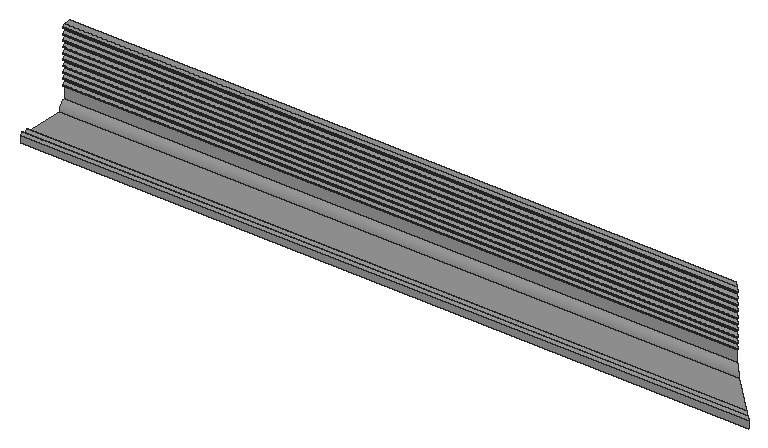
Revit family "PVC699T_9 Inch Retrofit PVC", category Specialty Equipment, Revit 2019
Family settings
  Round Connector Dimension = Use Diameter
  Part Type = Normal
  OmniClass Number = 23.10.00.00
  OmniClass Title = Site Products
  Cut with Voids When Loaded = No
  Shared = No
  Room Calculation Point = No
Parameters (values of type "PVC699T - Horizontal")
  z_Vertical = no
  z_Left Cut Distance [instance] = if([Left Cut 45° Tee-Cross], 0.00", 3.00")  # 3.00"
  z_Horizontal = yes
  z_Distance 3 [instance] = if(Ellbow Cut, 4.00", 15.00")  # 4.00"
  z_Distance 2 [instance] = if(and(Corner Cut, z_Vertical), 0.44", 5.00")  # 5.00"
  z_Distance 1 [instance] = if([Right Cut 45° Tee-Cross], 5.00", 10.00")  # 10.00"
  z_Distance [instance] = if([Left Cut 45° Tee-Cross], 5.00", 10.00")  # 10.00"
  z_Cut Distance [instance] = if(z_Distance 2 = 0.44", 0.44", 0.00")  # 0.00"
  Width = 9.00"
  Weight = "6.9 lbs/lft"
  URL = "https://www.jpspecialties.com/"
  z_Right Cut Distance [instance] = if([Right Cut 45° Tee-Cross], 0.00", 3.00")  # 3.00"
  Telephone = "951-763-7077"
  Right Cut 45° Tee-Cross [instance] = no
  Product data url = "www.bimmodeller.com/jpspecialties/products/Polyvinyl-Chloride-PVC-Waterstop"
  Product Material = JP Specialties - Polyvinyl Chloride (PVC)
  Product Guid = "27e5cdcc-cece-4d8c-947d-ca6b8ef269ba"  # constant formula
  NOTE [instance] = "Elbow Cut and Tee-Cross cuts cannot be checked at the same time"  # constant formula
  Model = "PVC699T"
  Materials = PVC
  Manufacturer = "J P Specialties Inc."  # constant formula
  built-in parameter 1001306 [instance] = 48.00"
  Left Cut 45° Tee-Cross [instance] = no
  z_Ellbow Cut Distance [instance] = if(Ellbow Cut, 0.00", 3.00")  # 0.00"
  z_Ellbow Cut Sweep Distance [instance] = if(Ellbow Cut, 3.00", 0.00")  # 3.00"
  Hydrophobic = "Yes"
  Hydrophilic = "No"
  Height = 6.38"
  Ellbow Cut [instance] = yes
  Keynote = "13000"
  Edition number = 1
  Description = "PVC699T is Earth Shield PVC 9\" heavy duty \"T\"-shaped retrofit waterstop. Includes all (40) s/s wedge anchors and s/s bar."
  Corner Cut [instance] = no
  Certifications = "NSF 61, NSF 372, CRD C-572-74, ASTM D543"
  Assembly Code = "F1030"
Types (2): name | z_Vertical | z_Left Cut Distance | z_Horizontal | z_Distance 3 | z_Distance 1 | z_Distance | z_Right Cut Distance | Right Cut 45° Tee-Cross | Left Cut 45° Tee-Cross | z_Ellbow Cut Distance | z_Ellbow Cut Sweep Distance | Ellbow Cut
  PVC699T - Horizontal | no | 3.00" | yes | 4.00" | 10.00" | 10.00" | 3.00" | no | no | 0.00" | 3.00" | yes
  PVC699T - Vertical | yes | 0.00" | no | 15.00" | 5.00" | 5.00" | 0.00" | yes | yes | 3.00" | 0.00" | no
Reference planes (in)
  plane 1 "Center (Front/Back)": y = 0
  plane 2: z = 0
  plane 3 "Left": x = 0
  plane 4 "Right": x = 48
  plane 5: y = 3
  plane 6: y = -3
  plane 7: z = -1
  plane 8: z = 10
  plane 9: z = -10
  plane 10: x = 51
  plane 11: z = 4
  plane 12: x = -5
  plane 13: x = 0
  plane 14: y = 4.75
Forms (in)
  Extrusion 1, void
    sketch origin (0, 0, 0) x (1, 0, 0) y (0, 1, 0)
      loop
        line (48, 0) -> (48, 4.75) -> (43.25, 4.75) -> (48, 0)
    from 2 to 12
  Extrusion 2, void
    sketch origin (0, 0, 0) x (1, 0, 0) y (0, 1, 0)
      loop
        line (51, -4.51845) -> (51, 4.75) -> (41.73155, 4.75) -> (51, -4.51845)
    from -1 to 12
  Extrusion 3, void
    sketch origin (0, 0, 0) x (1, 0, 0) y (0, 1, 0)
      loop
        line (51, 0) -> (43.5, -7.5) -> (51, -7.5) -> (51, 0)
    from 2 to 12
  Extrusion 4, void
    sketch origin (0, 0, 0) x (1, 0, 0) y (0, 0, 1)
      loop
        line (48, 5.05025) -> (48, 10) -> (43.05025, 10) -> (48, 5.05025)
    from -8.21469 to 12
  Extrusion 5, void
    sketch origin (0, 0, 0) x (1, 0, 0) y (0, 0, 1)
      loop
        line (48, -5) -> (43, -10) -> (48, -10) -> (48, -5)
    from -8.21469 to 12
  Extrusion 6, void
    sketch origin (0, 0, 0) x (1, 0, 0) y (0, 0, 1)
      loop
        line (51, 4.75) -> (41.5, -4.75) -> (51, -4.75) -> (51, 4.75)
    from -8.21469 to 12
  Extrusion 7, void
    sketch origin (0, 0, 0) x (1, 0, 0) y (0, 1, 0)
      loop
        line (-5, -4.5025) -> (4.2525, 4.75) -> (-5, 4.75) -> (-5, -4.5025)
    from -8.14882 to 12
  Sweep 8, solid, material "PVC" <- "Materials", visible <- "z_Horizontal"
    path origin (0, 0, 0) x (1, 0, 0) y (0, 1, 0)
      loop
        line (-5, 0.00016) -> (51, 0.00016)
    profile "PVC699T : PVC699T" origin (23, 0.00016, 0) x (0, 1, 0) y (0, 0, 1)
      loop
        line (0.375, 0.1875) -> (0.375, 0.52784)
        arc (0.375, 0.52784) -> (-0.01365, 0.87475) -> (-0.375, 0.49949) r 0.37554
        line (-0.375, 0.49949) -> (-0.375, 0.1875) -> (0.375, 0.1875)
      loop
        line (-4.5, 0) -> (-4, 0) -> (-3.96875, 0.0625) -> (-3.9375, 0) -> (-3.90625, 0.0625) -> (-3.875, 0) -> (-3.84375, 0.0625) -> (-3.8125, 0) -> (-3.78125, 0.0625) -> (-3.75, 0) -> (-3.71875, 0.0625) -> (-3.6875, 0) -> (-3.65625, 0.0625) -> (-3.625, 0) -> (-3.59375, 0.0625) -> (-3.5625, 0) -> (-3.53125, 0.0625) -> (-3.5, 0) -> (-3.46875, 0.0625) -> (-3.4375, 0) -> (-3.40625, 0.0625) -> (-3.375, 0) -> (-3.34375, 0.0625) -> (-3.3125, 0) -> (-3.28125, 0.0625) -> (-3.25, 0) -> (-3.21875, 0.0625) -> (-3.1875, 0) -> (-3.15625, 0.0625) -> (-3.125, 0) -> (-3.09375, 0.0625) -> (-3.0625, 0) -> (-3.03125, 0.0625) -> (-3, 0) -> (-2.96875, 0.0625) -> (-2.9375, 0) -> (-2.90625, 0.0625) -> (-2.875, 0) -> (-2.84375, 0.0625) -> (-2.8125, 0) -> (-2.78125, 0.0625) -> (-2.75, 0) -> (-2.71875, 0.0625) -> (-2.6875, 0) -> (-2.65625, 0.0625) -> (-2.625, 0) -> (-2.59375, 0.0625) -> (-2.5625, 0) -> (-2.53125, 0.0625) -> (-2.5, 0) -> (-2.46875, 0.0625) -> (-2.4375, 0) -> (-2.40625, 0.0625) -> (-2.375, 0) -> (-2.34375, 0.0625) -> (-2.3125, 0) -> (-2.28125, 0.0625) -> (-2.25, 0) -> (-2.21875, 0.0625) -> (-2.1875, 0) -> (-2.15625, 0.0625) -> (-2.125, 0) -> (-2.09375, 0.0625) -> (-2.0625, 0) -> (-2.03125, 0.0625) -> (-2, 0) -> (-1.96875, 0.0625) -> (-1.9375, 0) -> (-1.90625, 0.0625) -> (-1.875, 0) -> (-1.84375, 0.0625) -> (-1.8125, 0) -> (-1.78125, 0.0625) -> (-1.75, 0) -> (-1.71875, 0.0625) -> (-1.6875, 0) -> (-1.65625, 0.0625) -> (-1.625, 0) -> (-1.59375, 0.0625) -> (-1.5625, 0) -> (-1.53125, 0.0625) -> (-1.5, 0) -> (-1.46875, 0.0625) -> (-1.4375, 0) -> (-1.40625, 0.0625) -> (-1.375, 0) -> (-1.34375, 0.0625) -> (-1.3125, 0) -> (-1.28125, 0.0625) -> (-1.25, 0) -> (-1.21875, 0.0625) -> (-1.1875, 0) -> (-1.15625, 0.0625) -> (-1.125, 0) -> (-1.09375, 0.0625) -> (-1.0625, 0) -> (-1.03125, 0.0625) -> (-1, 0) -> (-0.96875, 0.0625) -> (-0.9375, 0) -> (-0.90625, 0.0625) -> (-0.875, 0) -> (-0.84375, 0.0625) -> (-0.8125, 0) -> (-0.78125, 0.0625) -> (-0.75, 0) -> (-0.71875, 0.0625) -> (-0.6875, 0) -> (-0.65625, 0.0625) -> (-0.625, 0) -> (-0.59375, 0.0625) -> (-0.5625, 0) -> (-0.53125, 0.0625) -> (-0.5, 0) -> (-0.46875, 0.0625) -> (-0.4375, 0) -> (-0.40625, 0.0625) -> (-0.375, 0) -> (-0.34375, 0.0625) -> (-0.3125, 0) -> (-0.28125, 0.0625) -> (-0.25, 0) -> (-0.21875, 0.0625) -> (-0.1875, 0) -> (-0.15625, 0.0625) -> (-0.125, 0) -> (-0.09375, 0.0625) -> (-0.0625, 0) -> (-0.03125, 0.0625) -> (0, 0) -> (0.03125, 0.0625) -> (0.0625, 0) -> (0.09375, 0.0625) -> (0.125, 0) -> (0.15625, 0.0625) -> (0.1875, 0) -> (0.21875, 0.0625) -> (0.25, 0) -> (0.28125, 0.0625) -> (0.3125, 0) -> (0.34375, 0.0625) -> (0.375, 0) -> (0.40625, 0.0625) -> (0.4375, 0) -> (0.46875, 0.0625) -> (0.5, 0) -> (0.53125, 0.0625) -> (0.5625, 0) -> (0.59375, 0.0625) -> (0.625, 0) -> (0.65625, 0.0625) -> (0.6875, 0) -> (0.71875, 0.0625) -> (0.75, 0) -> (0.78125, 0.0625) -> (0.8125, 0) -> (0.84375, 0.0625) -> (0.875, 0) -> (0.90625, 0.0625) -> (0.9375, 0) -> (0.96875, 0.0625) -> (1, 0) -> (1.03125, 0.0625) -> (1.0625, 0) -> (1.09375, 0.0625) -> (1.125, 0) -> (1.15625, 0.0625) -> (1.1875, 0) -> (1.21875, 0.0625) -> (1.25, 0) -> (1.28125, 0.0625) -> (1.3125, 0) -> (1.34375, 0.0625) -> (1.375, 0) -> (1.40625, 0.0625) -> (1.4375, 0) -> (1.46875, 0.0625) -> (1.5, 0) -> (1.53125, 0.0625) -> (1.5625, 0) -> (1.59375, 0.0625) -> (1.625, 0) -> (1.65625, 0.0625) -> (1.6875, 0) -> (1.71875, 0.0625) -> (1.75, 0) -> (1.78125, 0.0625) -> (1.8125, 0) -> (1.84375, 0.0625) -> (1.875, 0) -> (1.90625, 0.0625) -> (1.9375, 0) -> (1.96875, 0.0625) -> (2, 0) -> (2.03125, 0.0625) -> (2.0625, 0) -> (2.09375, 0.0625) -> (2.125, 0) -> (2.15625, 0.0625) -> (2.1875, 0) -> (2.21875, 0.0625) -> (2.25, 0) -> (2.28125, 0.0625) -> (2.3125, 0) -> (2.34375, 0.0625) -> (2.375, 0) -> (2.40625, 0.0625) -> (2.4375, 0) -> (2.46875, 0.0625) -> (2.5, 0) -> (2.53125, 0.0625) -> (2.5625, 0) -> (2.59375, 0.0625) -> (2.625, 0) -> (2.65625, 0.0625) -> (2.6875, 0) -> (2.71875, 0.0625) -> (2.75, 0) -> (2.78125, 0.0625) -> (2.8125, 0) -> (2.84375, 0.0625) -> (2.875, 0) -> (2.90625, 0.0625) -> (2.9375, 0) -> (2.96875, 0.0625) -> (3, 0) -> (3.03125, 0.0625) -> (3.0625, 0) -> (3.09375, 0.0625) -> (3.125, 0) -> (3.15625, 0.0625) -> (3.1875, 0) -> (3.21875, 0.0625) -> (3.25, 0) -> (3.28125, 0.0625) -> (3.3125, 0) -> (3.34375, 0.0625) -> (3.375, 0) -> (3.40625, 0.0625) -> (3.4375, 0) -> (3.46875, 0.0625) -> (3.5, 0) -> (3.53125, 0.0625) -> (3.5625, 0) -> (3.59375, 0.0625) -> (3.625, 0) -> (3.65625, 0.0625) -> (3.6875, 0) -> (3.71875, 0.0625) -> (3.75, 0) -> (3.78125, 0.0625) -> (3.8125, 0) -> (3.84375, 0.0625) -> (3.875, 0) -> (3.90625, 0.0625) -> (3.9375, 0) -> (3.96875, 0.0625) -> (4, 0) -> (4.5, 0) -> (4.5, 0.5) -> (4.3125, 0.6875) -> (4.25, 0.6875) -> (4.25, 0.5) -> (4.0625, 0.5) -> (3.875, 0.6875) -> (3.8125, 0.6875) -> (3.8125, 0.5) -> (0.75, 0.5)
        arc (0.75, 0.5) -> (0.61237, 0.93301) -> (0.25, 1.20711) r 0.75
        line (0.25, 1.20711) -> (0.25, 2.1875) -> (0.4375, 2.1875) -> (0.4375, 2.25) -> (0.25, 2.4375) -> (0.25, 2.625) -> (0.4375, 2.625) -> (0.4375, 2.6875) -> (0.25, 2.875) -> (0.25, 3.0625) -> (0.4375, 3.0625) -> (0.4375, 3.125) -> (0.25, 3.3125) -> (0.25, 3.5) -> (0.4375, 3.5) -> (0.4375, 3.5625) -> (0.25, 3.75) -> (0.25, 3.9375) -> (0.4375, 3.9375) -> (0.4375, 4) -> (0.25, 4.1875) -> (0.25, 4.375) -> (0.4375, 4.375) -> (0.4375, 4.4375) -> (0.25, 4.625) -> (0.25, 4.8125) -> (0.4375, 4.8125) -> (0.4375, 4.875) -> (0.25, 5.0625) -> (0.25, 5.25) -> (0.4375, 5.25) -> (0.4375, 5.3125) -> (0.25, 5.5) -> (0.25, 5.6875) -> (0.4375, 5.6875) -> (0.4375, 5.75) -> (0.25, 5.9375) -> (0.25, 6.125) -> (0.4375, 6.125) -> (0.4375, 6.1875) -> (0.25, 6.375) -> (-0.25, 6.375) -> (-0.4375, 6.1875) -> (-0.4375, 6.125) -> (-0.25, 6.125) -> (-0.25, 5.9375) -> (-0.4375, 5.75) -> (-0.4375, 5.6875) -> (-0.25, 5.6875) -> (-0.25, 5.5) -> (-0.4375, 5.3125) -> (-0.4375, 5.25) -> (-0.25, 5.25) -> (-0.25, 5.0625) -> (-0.4375, 4.875) -> (-0.4375, 4.8125) -> (-0.25, 4.8125) -> (-0.25, 4.625) -> (-0.4375, 4.4375) -> (-0.4375, 4.375) -> (-0.25, 4.375) -> (-0.25, 4.1875) -> (-0.4375, 4) -> (-0.4375, 3.9375) -> (-0.25, 3.9375) -> (-0.25, 3.75) -> (-0.4375, 3.5625) -> (-0.4375, 3.5) -> (-0.25, 3.5) -> (-0.25, 3.3125) -> (-0.4375, 3.125) -> (-0.4375, 3.0625) -> (-0.25, 3.0625) -> (-0.25, 2.875) -> (-0.4375, 2.6875) -> (-0.4375, 2.625) -> (-0.25, 2.625) -> (-0.25, 2.4375) -> (-0.4375, 2.25) -> (-0.4375, 2.1875) -> (-0.25, 2.1875) -> (-0.25, 1.20711)
        arc (-0.25, 1.20711) -> (-0.60981, 0.9312) -> (-0.75, 0.5) r 0.76434
        line (-0.75, 0.5) -> (-3.8125, 0.5) -> (-3.8125, 0.6875) -> (-3.875, 0.6875) -> (-4.0625, 0.5) -> (-4.25, 0.5) -> (-4.25, 0.6875) -> (-4.3125, 0.6875) -> (-4.5, 0.5) -> (-4.5, 0)
  Sweep 9, solid, material "PVC" <- "Materials", visible <- "z_Vertical"
    path origin (0, 0, 0) x (1, 0, 0) y (0, 1, 0)
      loop
        line (-5, 0) -> (51, 0)
    profile "PVC699T : PVC699T" origin (23, 0, 0) x (0, 1, 0) y (0, 0, 1)
      loop
        line (0.18794, -0.37457) -> (0.52828, -0.37455)
        arc (0.52828, -0.37455) -> (0.87516, 0.01414) -> (0.49986, 0.37545) r 0.37554
        line (0.49986, 0.37545) -> (0.18788, 0.37543) -> (0.18794, -0.37457)
      loop
        line (0.00002, 4.50041) -> (0.00007, 4.00041) -> (0.06257, 3.96916) -> (0.00007, 3.93791) -> (0.06257, 3.90666) -> (0.00008, 3.87541) -> (0.06258, 3.84416) -> (0.00008, 3.81291) -> (0.06259, 3.78166) -> (0.00009, 3.75041) -> (0.06259, 3.71916) -> (0.00009, 3.68791) -> (0.0626, 3.65666) -> (0.0001, 3.62541) -> (0.0626, 3.59416) -> (0.0001, 3.56291) -> (0.06261, 3.53166) -> (0.00011, 3.50041) -> (0.06261, 3.46916) -> (0.00011, 3.43791) -> (0.06262, 3.40666) -> (0.00012, 3.37541) -> (0.06262, 3.34416) -> (0.00013, 3.31291) -> (0.06263, 3.28166) -> (0.00013, 3.25041) -> (0.06263, 3.21916) -> (0.00014, 3.18791) -> (0.06264, 3.15666) -> (0.00014, 3.12541) -> (0.06264, 3.09416) -> (0.00015, 3.06291) -> (0.06265, 3.03166) -> (0.00015, 3.00041) -> (0.06266, 2.96916) -> (0.00016, 2.93791) -> (0.06266, 2.90666) -> (0.00016, 2.87541) -> (0.06267, 2.84416) -> (0.00017, 2.81291) -> (0.06267, 2.78166) -> (0.00017, 2.75041) -> (0.06268, 2.71916) -> (0.00018, 2.68791) -> (0.06268, 2.65666) -> (0.00018, 2.62541) -> (0.06269, 2.59416) -> (0.00019, 2.56291) -> (0.06269, 2.53166) -> (0.0002, 2.50041) -> (0.0627, 2.46916) -> (0.0002, 2.43791) -> (0.0627, 2.40666) -> (0.00021, 2.37541) -> (0.06271, 2.34416) -> (0.00021, 2.31291) -> (0.06271, 2.28166) -> (0.00022, 2.25041) -> (0.06272, 2.21916) -> (0.00022, 2.18791) -> (0.06272, 2.15666) -> (0.00023, 2.12541) -> (0.06273, 2.09416) -> (0.00023, 2.06291) -> (0.06274, 2.03166) -> (0.00024, 2.00041) -> (0.06274, 1.96916) -> (0.00024, 1.93791) -> (0.06275, 1.90666) -> (0.00025, 1.87541) -> (0.06275, 1.84416) -> (0.00025, 1.81291) -> (0.06276, 1.78166) -> (0.00026, 1.75041) -> (0.06276, 1.71916) -> (0.00026, 1.68791) -> (0.06277, 1.65666) -> (0.00027, 1.62541) -> (0.06277, 1.59416) -> (0.00028, 1.56291) -> (0.06278, 1.53166) -> (0.00028, 1.50041) -> (0.06278, 1.46916) -> (0.00029, 1.43791) -> (0.06279, 1.40666) -> (0.00029, 1.37541) -> (0.06279, 1.34416) -> (0.0003, 1.31291) -> (0.0628, 1.28166) -> (0.0003, 1.25041) -> (0.0628, 1.21916) -> (0.00031, 1.18791) -> (0.06281, 1.15666) -> (0.00031, 1.12541) -> (0.06282, 1.09416) -> (0.00032, 1.06291) -> (0.06282, 1.03166) -> (0.00032, 1.00041) -> (0.06283, 0.96916) -> (0.00033, 0.93791) -> (0.06283, 0.90666) -> (0.00033, 0.87541) -> (0.06284, 0.84416) -> (0.00034, 0.81291) -> (0.06284, 0.78166) -> (0.00035, 0.75041) -> (0.06285, 0.71916) -> (0.00035, 0.68791) -> (0.06285, 0.65666) -> (0.00036, 0.62541) -> (0.06286, 0.59416) -> (0.00036, 0.56291) -> (0.06286, 0.53166) -> (0.00037, 0.50041) -> (0.06287, 0.46916) -> (0.00037, 0.43791) -> (0.06287, 0.40666) -> (0.00038, 0.37541) -> (0.06288, 0.34416) -> (0.00038, 0.31291) -> (0.06289, 0.28166) -> (0.00039, 0.25041) -> (0.06289, 0.21916) -> (0.00039, 0.18791) -> (0.0629, 0.15666) -> (0.0004, 0.12541) -> (0.0629, 0.09416) -> (0.0004, 0.06291) -> (0.06291, 0.03166) -> (0.00041, 0.00041) -> (0.06291, -0.03084) -> (0.00041, -0.06209) -> (0.06292, -0.09334) -> (0.00042, -0.12459) -> (0.06292, -0.15584) -> (0.00043, -0.18709) -> (0.06293, -0.21834) -> (0.00043, -0.24959) -> (0.06293, -0.28084) -> (0.00044, -0.31209) -> (0.06294, -0.34334) -> (0.00044, -0.37459) -> (0.06294, -0.40584) -> (0.00045, -0.43709) -> (0.06295, -0.46834) -> (0.00045, -0.49959) -> (0.06295, -0.53084) -> (0.00046, -0.56209) -> (0.06296, -0.59334) -> (0.00046, -0.62459) -> (0.06297, -0.65584) -> (0.00047, -0.68709) -> (0.06297, -0.71834) -> (0.00047, -0.74959) -> (0.06298, -0.78084) -> (0.00048, -0.81209) -> (0.06298, -0.84334) -> (0.00048, -0.87459) -> (0.06299, -0.90584) -> (0.00049, -0.93709) -> (0.06299, -0.96834) -> (0.0005, -0.99959) -> (0.063, -1.03084) -> (0.0005, -1.06209) -> (0.063, -1.09334) -> (0.00051, -1.12459) -> (0.06301, -1.15584) -> (0.00051, -1.18709) -> (0.06301, -1.21834) -> (0.00052, -1.24959) -> (0.06302, -1.28084) -> (0.00052, -1.31209) -> (0.06302, -1.34334) -> (0.00053, -1.37459) -> (0.06303, -1.40584) -> (0.00053, -1.43709) -> (0.06304, -1.46834) -> (0.00054, -1.49959) -> (0.06304, -1.53084) -> (0.00054, -1.56209) -> (0.06305, -1.59334) -> (0.00055, -1.62459) -> (0.06305, -1.65584) -> (0.00055, -1.68709) -> (0.06306, -1.71834) -> (0.00056, -1.74959) -> (0.06306, -1.78084) -> (0.00056, -1.81209) -> (0.06307, -1.84334) -> (0.00057, -1.87459) -> (0.06307, -1.90584) -> (0.00058, -1.93709) -> (0.06308, -1.96834) -> (0.00058, -1.99959) -> (0.06308, -2.03084) -> (0.00059, -2.06209) -> (0.06309, -2.09334) -> (0.00059, -2.12459) -> (0.06309, -2.15584) -> (0.0006, -2.18709) -> (0.0631, -2.21834) -> (0.0006, -2.24959) -> (0.0631, -2.28084) -> (0.00061, -2.31209) -> (0.06311, -2.34334) -> (0.00061, -2.37459) -> (0.06312, -2.40584) -> (0.00062, -2.43709) -> (0.06312, -2.46834) -> (0.00062, -2.49959) -> (0.06313, -2.53084) -> (0.00063, -2.56209) -> (0.06313, -2.59334) -> (0.00063, -2.62459) -> (0.06314, -2.65584) -> (0.00064, -2.68709) -> (0.06314, -2.71834) -> (0.00065, -2.74959) -> (0.06315, -2.78084) -> (0.00065, -2.81209) -> (0.06315, -2.84334) -> (0.00066, -2.87459) -> (0.06316, -2.90584) -> (0.00066, -2.93709) -> (0.06316, -2.96834) -> (0.00067, -2.99959) -> (0.06317, -3.03084) -> (0.00067, -3.06209) -> (0.06317, -3.09334) -> (0.00068, -3.12459) -> (0.06318, -3.15584) -> (0.00068, -3.18709) -> (0.06319, -3.21834) -> (0.00069, -3.24959) -> (0.06319, -3.28084) -> (0.00069, -3.31209) -> (0.0632, -3.34334) -> (0.0007, -3.37459) -> (0.0632, -3.40584) -> (0.0007, -3.43709) -> (0.06321, -3.46834) -> (0.00071, -3.49959) -> (0.06321, -3.53084) -> (0.00071, -3.56209) -> (0.06322, -3.59334) -> (0.00072, -3.62459) -> (0.06322, -3.65584) -> (0.00073, -3.68709) -> (0.06323, -3.71834) -> (0.00073, -3.74959) -> (0.06323, -3.78084) -> (0.00074, -3.81209) -> (0.06324, -3.84334) -> (0.00074, -3.87459) -> (0.06324, -3.90584) -> (0.00075, -3.93709) -> (0.06325, -3.96834) -> (0.00075, -3.99959) -> (0.0008, -4.49959) -> (0.5008, -4.49955) -> (0.68828, -4.31203) -> (0.68827, -4.24953) -> (0.50077, -4.24955) -> (0.50076, -4.06205) -> (0.68824, -3.87453) -> (0.68824, -3.81203) -> (0.50074, -3.81205) -> (0.50047, -0.74955)
        arc (0.50047, -0.74955) -> (0.93347, -0.61188) -> (1.20754, -0.24949) r 0.75
        line (1.20754, -0.24949) -> (2.18793, -0.2494) -> (2.18795, -0.4369) -> (2.25045, -0.4369) -> (2.43793, -0.24938) -> (2.62543, -0.24937) -> (2.62545, -0.43687) -> (2.68795, -0.43686) -> (2.87543, -0.24934) -> (3.06293, -0.24933) -> (3.06295, -0.43683) -> (3.12545, -0.43682) -> (3.31293, -0.24931) -> (3.50043, -0.24929) -> (3.50045, -0.43679) -> (3.56295, -0.43679) -> (3.75043, -0.24927) -> (3.93793, -0.24925) -> (3.93795, -0.43675) -> (4.00045, -0.43675) -> (4.18793, -0.24923) -> (4.37543, -0.24922) -> (4.37545, -0.43672) -> (4.43795, -0.43671) -> (4.62543, -0.24919) -> (4.81293, -0.24918) -> (4.81295, -0.43668) -> (4.87545, -0.43667) -> (5.06293, -0.24916) -> (5.25043, -0.24914) -> (5.25045, -0.43664) -> (5.31295, -0.43664) -> (5.50043, -0.24912) -> (5.68793, -0.2491) -> (5.68795, -0.4366) -> (5.75045, -0.4366) -> (5.93793, -0.24908) -> (6.12543, -0.24907) -> (6.12545, -0.43657) -> (6.18795, -0.43656) -> (6.37543, -0.24904) -> (6.37539, 0.25096) -> (6.18787, 0.43844) -> (6.12537, 0.43843) -> (6.12539, 0.25093) -> (5.93789, 0.25092) -> (5.75037, 0.4384) -> (5.68787, 0.4384) -> (5.68789, 0.2509) -> (5.50039, 0.25088) -> (5.31287, 0.43836) -> (5.25037, 0.43836) -> (5.25039, 0.25086) -> (5.06289, 0.25084) -> (4.87537, 0.43833) -> (4.81287, 0.43832) -> (4.81289, 0.25082) -> (4.62539, 0.25081) -> (4.43787, 0.43829) -> (4.37537, 0.43828) -> (4.37539, 0.25078) -> (4.18789, 0.25077) -> (4.00037, 0.43825) -> (3.93787, 0.43825) -> (3.93789, 0.25075) -> (3.75039, 0.25073) -> (3.56287, 0.43821) -> (3.50037, 0.43821) -> (3.50039, 0.25071) -> (3.31289, 0.25069) -> (3.12537, 0.43818) -> (3.06287, 0.43817) -> (3.06289, 0.25067) -> (2.87539, 0.25066) -> (2.68787, 0.43814) -> (2.62537, 0.43813) -> (2.62539, 0.25063) -> (2.43789, 0.25062) -> (2.25037, 0.4381) -> (2.18787, 0.4381) -> (2.18789, 0.2506) -> (1.20749, 0.25051)
        arc (1.20749, 0.25051) -> (0.93156, 0.6103) -> (0.50035, 0.75045) r 0.76434
        line (0.50035, 0.75045) -> (0.50008, 3.81295) -> (0.68758, 3.81297) -> (0.68758, 3.87547) -> (0.50006, 4.06295) -> (0.50005, 4.25045) -> (0.68755, 4.25047) -> (0.68754, 4.31297) -> (0.50002, 4.50045) -> (0.00002, 4.50041)
Cuts and joins
  Extrusion 1, Extrusion 2, Extrusion 3 cuts Sweep 8
  Extrusion 4, Extrusion 5, Extrusion 6 cuts Sweep 9
Lines and regions (in)
  reference lines
    curve 1: line (0, 0, 0) -> (48, 0, 0)
Dimensions and locks (in)
  "built-in parameter 1001306": plane 3 "Left" to plane 4 "Right"
  equal spacing: plane 5, plane 1 "Center (Front/Back)", plane 6
  locked: plane 5 to plane 6 at 6
  locked: Extrusion 1 sketch curve to plane 4 "Right" at 4.75
  locked: plane 2 to plane 7 at 1
  "z_Left Cut Distance": Extrusion 1 to plane 7
  locked: Extrusion 2 sketch curve to plane 4 "Right" at 6.26845
  locked: Extrusion 2 sketch curve to plane 5 at 7.51845
  "z_Ellbow Cut Distance": Extrusion 2 to plane 7
  locked: plane 4 "Right" to Extrusion 2 sketch curve at 3
  locked: Extrusion 3 sketch curve to plane 4 "Right" at 4.5
  locked: plane 6 to Extrusion 3 sketch curve at 3
  "z_Right Cut Distance": Extrusion 3 to plane 7
  "z_Distance": plane 8 to plane 2
  locked: plane 8 to Extrusion 4 sketch curve at 4.94975
  "z_Distance 1": plane 2 to plane 9
  locked: Extrusion 5 sketch curve to plane 9 at 5
  "z_Ellbow Cut Sweep Distance": plane 10 to plane 4 "Right"
  "z_Distance 3": plane 11 to plane 2
  "z_Distance 2": plane 12 to plane 3 "Left"
  locked: plane 1 "Center (Front/Back)" to Extrusion 7 sketch curve at 4.75
  "z_Cut Distance": plane 13 to plane 3 "Left"
  locked: plane 12 to Extrusion 7 sketch curve at 9.2525
  locked: plane 5 to plane 14 at 1.75
  Extrusion 6 sketch curve to plane 11 to Extrusion 6 sketch curve = 0.75" locked, 8.75" locked
  locked: plane 10 to Extrusion 6 sketch curve at 9.5
  locked: plane 4 "Right" to Extrusion 1 sketch curve (angle 45.00°)
  locked: plane 4 "Right" to Extrusion 2 sketch curve (angle 45.00°)
  locked: Extrusion 3 sketch curve to plane 4 "Right" (angle 45.00°)
  locked: plane 4 "Right" to Extrusion 4 sketch curve (angle 45.00°)
  angle Extrusion 5 sketch curve to plane 4 "Right" = 45.00°
  locked: Extrusion 6 sketch curve to Extrusion 6 sketch curve (angle 45.00°)
  locked: Extrusion 7 sketch curve to plane 12 (angle 45.00°)
  aligned and locked: plane 4 "Right" to curve 1
  aligned and locked: plane 1 "Center (Front/Back)" to curve 1
  aligned and locked: plane 3 "Left" to curve 1
  aligned and locked: level to plane 2
  aligned and locked: Extrusion 1 sketch curve to plane 4 "Right"
  aligned and locked: plane 1 "Center (Front/Back)" to Extrusion 1 sketch curve
  aligned and locked: Extrusion 4 sketch curve to plane 8
  aligned and locked: Extrusion 4 sketch curve to plane 4 "Right"
  aligned and locked: plane 4 "Right" to Extrusion 5 sketch curve  (x2)
  aligned and locked: plane 9 to Extrusion 5 sketch curve
  aligned and locked: plane 10 to Extrusion 6 sketch curve
  aligned and locked: plane 12 to Sweep 8 sketch curve
  aligned and locked: plane 10 to Sweep 8 sketch curve
  aligned and locked: plane 10 to Extrusion 3 sketch curve
  aligned and locked: plane 14 to Extrusion 1 sketch curve
  aligned and locked: plane 12 to Sweep 9 sketch curve
  aligned and locked: plane 1 "Center (Front/Back)" to Sweep 9 sketch curve
  aligned and locked: plane 10 to Sweep 9 sketch curve
  aligned and locked: plane 12 to Extrusion 7 sketch curve
Automatic sketch dimensions
  Sweep 8 sketch curve to plane 1 "Center (Front/Back)" = 0.00016"
